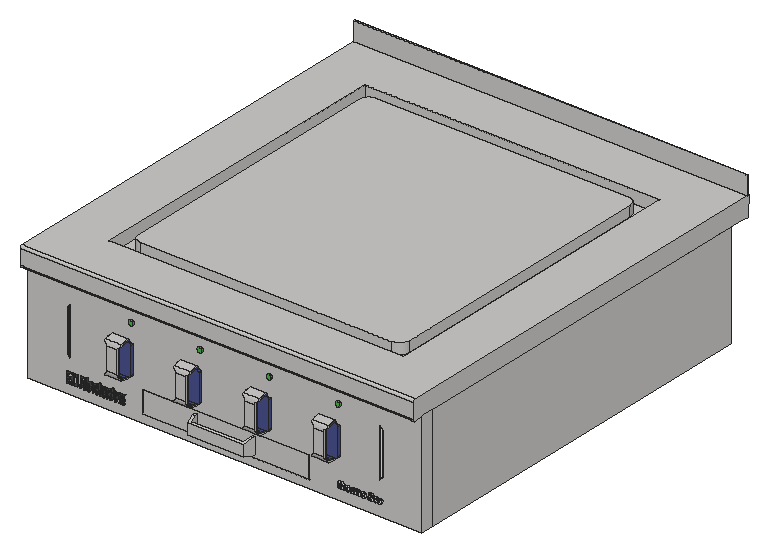
Revit family "QF_ELECTROLUXPROFESSIONAL_588502_MBLCBBHOAO", category Attrezzature speciali, Revit 2020
Family settings
  Quota connettore circolare = Usa diametro
  Tipo di parte = Normale
  Basato su piano di lavoro = No
  Sempre verticale = Sì
  Taglio con vuoti quando caricato = No
  Condiviso = No
  Punto di calcolo locali = No
Parameters (values of type "Standard")
  Weight = 120.00 kg
  Watts = 12000 W
  Volts = 400 V
  URL Manufacturer = "https://www.electroluxprofessional.com/"
  URL = "https://www.electroluxprofessional.com/"
  Steam Supply Size = 0"
  Steam Supply Minimum Pressure = 0.00 psi
  Steam Supply Maximum Pressure = 0.00 psi
  Steam Consumption per Hour = 0
  Refrigeration Suction Line Size = 0 mm
  Refrigeration Liquid Line Size = 0 mm
  Refrigerant Compressor Remote = yes
  Prospetto di default = 0 mm
  Phase = 3
  Modello = "MBLCBBHOAO"
  Produttore = "Electrolux Professional"
  Length Actual = 800 mm  # constant formula
  Item Number = "588502"
  Hot Water Size = 0"
  Height Actual = 250 mm  # constant formula
  HP = "16.1 HP"
  Gas Size = 0"
  Gas KW = 0
  Gas Input Pressure = 0.0 Btu/h
  Direct Waste Size = 0"
  Descrizione = "EL.SOLID TOP,4 ZONE,1S,BSPL,800X850X250H"
  Depth Actual = 850 mm  # constant formula
  Cycle = 50 Hz
  Condensate Return Size = 0"
  Compressed Air Volume = 0 GPM
  Compressed Air Size = 0"
  Compressed Air Pressure = 0.00 psi
  Cold Water Size = 0"
  Accessory = yes
Reference planes
  plane 1 "BACK": y = 0
  plane 2: z = 0
  plane 3 "LEFT": x = 0
  plane 4 "RIGHT": x = 800
  plane 5 "FRONT": y = -850
  plane 6 "TOP": z = 900
  plane 7 "Center (Left/Right)": x = 400
  plane 8: y = -425
  plane 9: y = -150
  plane 10: x = 100
  plane 11: x = 700
  plane 12: y = -100
  plane 13: y = -750
  plane 14 "EIx": x = 755
  plane 15 "EIy": y = -635
  plane 16: z = 938
  plane 17 "BaseTop": z = 650
  plane 18: y = -805
Forms (mm)
  Extrusion 1, solid, material "QF_Finishes_Stainless Steel"
    sketch origin (-178.969, -4572, 100) x (-1, 0, 0) y (0, -1, 0)
      loop
        line (-178.969, -4527) -> (-178.969, -3767) -> (-978.969, -3767) -> (-978.969, -4527) -> (-178.969, -4527)
    from 550 to 762.969
  Extrusion 2, solid, material "QF_Finishes_Stainless Steel"
    sketch origin (0, 0, 650) x (-1, 0, 0) y (0, -1, 0)
      loop
        circle (-755, 635) r 6.35
    from 0 to -11.851
  Extrusion 3, solid, material "QF_Finishes_Stainless Steel"
    sketch origin (400, 296.4, 1219.2) x (0, 1, 0) y (0, 0, 1)
      loop
        line (-296.4, -319.2) -> (-1141.4, -319.2)
        arc (-1141.4, -319.2) -> (-1144.935, -320.664) -> (-1146.4, -324.2) r 5
        line (-1146.4, -324.2) -> (-1146.4, -355.2)
        arc (-1146.4, -355.2) -> (-1144.971, -358.264) -> (-1141.705, -359.139) r 4
        line (-1141.705, -359.139) -> (-1126.4, -356.231) -> (-316.4, -356.231) -> (-301.094, -359.139)
        arc (-301.094, -359.139) -> (-297.829, -358.264) -> (-296.4, -355.2) r 4
        line (-296.4, -355.2) -> (-296.4, -319.2)
    from -400 to 400
  Extrusion 4, solid, material "QF_Finishes_Stainless Steel"
    sketch origin (0, 0, 900) x (-1, 0, 0) y (0, -1, 0)
      loop
        arc (-145, 125) -> (-130.858, 130.858) -> (-125, 145) r 20
        line (-125, 145) -> (-125, 705)
        arc (-125, 705) -> (-130.858, 719.142) -> (-145, 725) r 20
        line (-145, 725) -> (-655, 725)
        arc (-655, 725) -> (-669.142, 719.142) -> (-675, 705) r 20
        line (-675, 705) -> (-675, 145)
        arc (-675, 145) -> (-669.142, 130.858) -> (-655, 125) r 20
        line (-655, 125) -> (-145, 125)
    from 1 to -20
  Extrusion 5, void
    sketch origin (0, 0, 900) x (-1, 0, 0) y (0, -1, 0)
      loop
        line (-100, 750) -> (-700, 750) -> (-700, 100) -> (-100, 100) -> (-100, 750)
    from 0 to -25
  Extrusion 6, solid, material "QF_Finishes_Stainless Steel"
    sketch origin (400, 296.4, 1219.2) x (0, 1, 0) y (0, 0, 1)
      loop
        line (-296.4, -319.2) -> (-296.4, -281.2) -> (-298.4, -281.2) -> (-298.4, -319.2) -> (-296.4, -319.2)
    from 400 to -400
Cuts and joins
  Extrusion 5 cuts Extrusion 3
Lines and regions (mm)
  symbolic lines
    curve 1: line (0, 0, 100) -> (800, 0, 100)
    curve 2: line (0, -850, 100) -> (0, 0, 100)
    curve 3: line (800, -850, 100) -> (0, -850, 100)
    curve 4: line (800, 0, 100) -> (800, -850, 100)
    curve 5: line (100, -750, 0) -> (700, -750, 0)
    curve 6: line (700, -750, 0) -> (700, -100, 0)
    curve 7: line (700, -100, 0) -> (100, -100, 0)
    curve 8: line (100, -100, 0) -> (100, -750, 0)
    curve 9: line (0, -2, 0) -> (800, -2, 0)
Dimensions and locks
  plane 3 "LEFT" to plane 4 "RIGHT" = 800 mm
  locked: plane 5 "FRONT" to plane 1 "BACK" at 850
  plane 3 "LEFT" to plane 7 "Center (Left/Right)" to plane 4 "RIGHT" = 400 mm, 400 mm
  equal spacing: plane 5 "FRONT", plane 8, plane 1 "BACK"
  plane 6 "TOP" to level = 900 mm  (x2)
  plane 1 "BACK" to plane 9 = 150 mm
  plane 1 "BACK" to Extrusion 2 = 635 mm
  locked: plane 14 "EIx" to plane 4 "RIGHT" at 45
  locked: plane 15 "EIy" to plane 1 "BACK" at 635
  plane 16 to plane 6 "TOP" = 38 mm
  locked: plane 12 to plane 1 "BACK" at 100
  locked: plane 5 "FRONT" to plane 13 at 100
  plane 3 "LEFT" to plane 10 = 100 mm
  plane 11 to plane 4 "RIGHT" = 100 mm
  locked: plane 6 "TOP" to plane 17 "BaseTop" at 250
  locked: plane 18 to plane 5 "FRONT" at 45
  aligned and locked: level to plane 2
  aligned and locked: cut or joined group of Extrusion 3, Extrusion 5 to plane 3 "LEFT"
  aligned and locked: cut or joined group of Extrusion 3, Extrusion 5 to plane 4 "RIGHT"
  aligned and locked: Extrusion 5 sketch curve to plane 10
  aligned and locked: plane 12 to Extrusion 5 sketch curve
  aligned and locked: plane 11 to Extrusion 5 sketch curve
  aligned and locked: Extrusion 5 sketch curve to plane 13
  aligned and locked: nested 1 to plane 18
  aligned and locked: Extrusion 1 to plane 18
  aligned and locked: Extrusion 6 to plane 3 "LEFT"
  aligned and locked: Extrusion 6 to plane 4 "RIGHT"
  aligned and locked: plane 3 "LEFT" to nested 1
Automatic sketch dimensions
  Extrusion 3 sketch curve to plane 5 "FRONT" = 0 mm
  Extrusion 3 sketch curve to plane 6 "TOP" = 0 mm
  Extrusion 3 sketch curve to plane 1 "BACK" = 0 mm
  Extrusion 3 sketch curve to plane 5 "FRONT" = 4 mm
  Extrusion 3 sketch curve to Extrusion 3 sketch curve = 0.695 mm
  Extrusion 3 sketch curve to plane 5 "FRONT" = 5 mm
  Extrusion 3 sketch curve to Extrusion 3 sketch curve = 15.305 mm
  plane 1 "BACK" to Extrusion 3 sketch curve = 20 mm
  plane 1 "BACK" to Extrusion 3 sketch curve = 4.695 mm
  Extrusion 3 sketch curve to Extrusion 3 sketch curve = 4 mm
  Extrusion 3 sketch curve to Extrusion 3 sketch curve = 31 mm
  Extrusion 3 sketch curve to plane 6 "TOP" = 36 mm
  Extrusion 3 sketch curve to Extrusion 3 sketch curve = 2.909 mm
  Extrusion 1 sketch curve to plane 4 "RIGHT" = 0 mm
  Extrusion 1 sketch curve to plane 3 "LEFT" = 0 mm
  plane 1 "BACK" to Extrusion 1 sketch curve = 45 mm
  plane 1 "BACK" to curve 1 = 0 mm
  curve 1 to plane 4 "RIGHT" = 0 mm
  curve 2 to plane 3 "LEFT" = 0 mm
  plane 5 "FRONT" to curve 3 = 0 mm
  Extrusion 2 sketch curve to plane 14 "EIx" = 0 mm
  Extrusion 2 sketch curve to plane 15 "EIy" = 0 mm
  Extrusion 1 sketch curve to plane 5 "FRONT" = 45 mm
  Extrusion 6 sketch curve to plane 6 "TOP" = 0 mm
  Extrusion 6 sketch curve to plane 16 = 0 mm
  Extrusion 6 sketch curve to plane 1 "BACK" = 0 mm
  Extrusion 6 sketch curve to Extrusion 6 sketch curve = 2 mm
  curve 9 to plane 3 "LEFT" = 0 mm
  curve 5 to plane 10 = 0 mm
  curve 6 to plane 11 = 0 mm
  curve 9 to plane 4 "RIGHT" = 0 mm
  plane 13 to curve 5 = 0 mm
  plane 12 to curve 7 = 0 mm
  plane 1 "BACK" to curve 9 = 2 mm
  plane 11 to Extrusion 4 sketch curve = 25 mm
  Extrusion 4 sketch curve to Extrusion 4 sketch curve = 20 mm  (x4)
  plane 9 to Extrusion 4 sketch curve = 5 mm
  Extrusion 4 sketch curve to plane 10 = 45 mm
  Extrusion 4 sketch curve to plane 13 = 45 mm
  radius of Extrusion 2 sketch curve = 6.35 mm
Nested families
  nested 1: "Front_Panel_W800_Four Knobs_Spie" at (202.376, -805, 0), type "Front_Panel_W800_Four Knobs_Spie"
Connectors
  electrical at (755, -635, 638.149)
    settings: on Extrusion 2, index 1, voltage 400 V, apparent load 33000 VA, apparent load phase1 0 VA, apparent load phase2 0 VA, apparent load phase3 0 VA, power factor 1, load classification "Other", number of poles 1, system type 30, power factor state 1, is connector primary yes, connector utility no, sub classification motor no, connector description "ELECTRICAL CONNECTION"
Definition of nested family "Front_Panel_W800_Four Knobs_Spie"
  Parameters
    Default Elevation = 0 mm
  Reference planes
    plane 1 "Center (Front/Back)": y = 0
    plane 2: z = 0
    plane 3 "Center (Left/Right)": x = 197.624
    plane 4 "Left": x = -202.376
    plane 5 "Right": x = 597.624
    plane 6: y = -45
    plane 7: x = -12.376
    plane 8: x = 127.624
    plane 9: y = -310
    plane 10 "Panel": y = -25
    plane 11: x = 517.624
    plane 12: x = -122.376
  Forms (mm)
    Extrusion 1, solid
      sketch origin (833.217, 829.203, -1.25) x (0, 1, 0) y (0, 0, 1)
        loop
          line (-854.203, 651.25) -> (-829.203, 651.25) -> (-829.203, 864.25) -> (-854.203, 864.25) -> (-854.203, 651.25)
      from -1035.593 to -235.593
    Extrusion 2, void
      sketch origin (0, -25, -10) x (0, 0, 1) y (-1, 0, 0)
        loop
          line (731.866, 122.376) -> (726.866, 117.376) -> (823.866, 117.376) -> (818.866, 122.376) -> (731.866, 122.376)
        loop
          line (731.866, -517.624) -> (818.866, -517.624) -> (823.866, -512.624) -> (726.866, -512.624) -> (731.866, -517.624)
      from 0 to -2
    Extrusion 3, void
      sketch origin (0, 0, 0) x (1, 0, 0) y (0, 0, 1)
        loop
          line (30.124, 711.866) -> (30.124, 666.866) -> (370.124, 666.866) -> (370.124, 711.866) -> (30.124, 711.866)
      from 19.387 to 25
    Extrusion 4, solid
      sketch origin (0, 0, 0) x (1, 0, 0) y (0, 0, 1)
        loop
          line (31.124, 710.866) -> (31.124, 667.866) -> (369.124, 667.866) -> (369.124, 710.866) -> (31.124, 710.866)
      from 19.387 to 25
    Extrusion 5, solid
      sketch origin (0, 0, 0) x (1, 0, 0) y (0, 1, 0)
        loop
          line (141.059, -25) -> (135.966, -25) -> (140.646, -49.075) -> (254.603, -49.075) -> (259.283, -25) -> (254.189, -25) -> (250.481, -44.075) -> (144.767, -44.075) -> (141.059, -25)
      from 672.593 to 705.67
    Extrusion 6, void
      sketch origin (197.624, 0, 0) x (0, 1, 0) y (0, 0, 1)
        loop
          line (-30, 705.67) -> (-30, 710.67) -> (-56.744, 710.67) -> (-56.744, 667.593) -> (-30, 667.593) -> (-30, 672.593) -> (-53.776, 680.318) -> (-53.776, 697.945) -> (-30, 705.67)
      from -70 to 70
    Extrusion 7, solid, detail levels coarse
      sketch origin (0, -265, 0) x (1, 0, 0) y (0, 1, 0)
        loop
          line (140.646, -69.075) -> (254.603, -69.075) -> (259.283, -45) -> (364.124, -45) -> (364.124, 240) -> (31.124, 240) -> (31.124, -45) -> (135.966, -45) -> (140.646, -69.075)
      from 672.593 to 705.67
    Extrusion 8, void
      sketch origin (197.624, -280, 0) x (0, 1, 0) y (0, 0, 1)
        loop
          line (-30, 705.67) -> (-30, 710.67) -> (-56.744, 710.67) -> (-56.744, 667.593) -> (-30, 667.593) -> (-30, 672.593) -> (-53.776, 680.318) -> (-53.776, 697.945) -> (-30, 705.67)
      from -70 to 70
    Extrusion 9, solid
      sketch origin (20, -25, 1.163) x (0, 0, 1) y (-1, 0, 0)
        loop
          circle (824.337, 12.376) r 5
      from 0 to 1.7
    Extrusion 10, solid
      sketch origin (160, -25, 1.163) x (0, 0, 1) y (-1, 0, 0)
        loop
          circle (824.337, 12.376) r 5
      from 0 to 1.7
    Extrusion 11, solid
      sketch origin (300.724, -25, 1.163) x (0, 0, 1) y (-1, 0, 0)
        loop
          circle (824.337, 12.376) r 5
      from 0 to 1.7
    Extrusion 12, solid
      sketch origin (440.724, -25, 1.163) x (0, 0, 1) y (-1, 0, 0)
        loop
          circle (824.337, 12.376) r 5
      from 0 to 1.7
    Extrusion 13, solid
      sketch origin (0, -25, -10) x (0, 0, 1) y (-1, 0, 0)
        loop
          line (731.866, 122.376) -> (726.866, 117.376) -> (823.866, 117.376) -> (818.866, 122.376) -> (731.866, 122.376)
        loop
          line (726.866, -512.624) -> (731.866, -517.624) -> (818.866, -517.624) -> (823.866, -512.624) -> (726.866, -512.624)
      from 0 to -2
  Cuts and joins
    Extrusion 2, Extrusion 3 cuts Extrusion 1
    Extrusion 6, Extrusion 8 cuts Extrusion 5
    Extrusion 8 cuts Extrusion 7
  Lines and regions (mm)
    symbolic lines
      curve 1: line (31.124, -45, 0) -> (31.124, -310, 0)
      curve 2: line (31.124, -310, 0) -> (364.124, -310, 0)
      curve 3: line (135.966, -310, 0) -> (140.646, -334.075, 0)
      curve 4: line (140.646, -334.075, 0) -> (254.603, -334.075, 0)
      curve 5: line (254.603, -334.075, 0) -> (259.283, -310, 0)
      curve 6: line (364.124, -310, 0) -> (364.124, -45, 0)
      curve 7: line (31.124, -300, 0) -> (364.124, -300, 0)
      curve 8: line (140.874, -309.046, 0) -> (144.767, -329.075, 0)
      curve 9: line (144.767, -329.075, 0) -> (250.481, -329.075, 0)
      curve 10: line (250.481, -329.075, 0) -> (254.375, -309.046, 0)
  Dimensions and locks
    equal spacing: plane 5 "Right", plane 3 "Center (Left/Right)", plane 4 "Left"
    plane 5 "Right" to plane 4 "Left" = 800 mm
    plane 3 "Center (Left/Right)" to plane 7 = 210 mm
    plane 3 "Center (Left/Right)" to plane 8 = 70 mm
    plane 6 to plane 9 = 265 mm
    aligned and locked: cut or joined group of Extrusion 1, Extrusion 2, Extrusion 3 to plane 4 "Left"
    aligned and locked: plane 5 "Right" to cut or joined group of Extrusion 1, Extrusion 2, Extrusion 3
  Automatic sketch dimensions
    plane 6 to curve 1 = 0 mm
    curve 1 to plane 9 = 0 mm
    plane 6 to curve 6 = 0 mm
    plane 7 to curve 1 = 43.5 mm
    plane 8 to curve 3 = 13.021 mm
    curve 3 to curve 8 = 4.122 mm
    curve 10 to plane 9 = 19.075 mm
    plane 3 "Center (Left/Right)" to curve 10 = 52.857 mm
    curve 5 to plane 9 = 24.075 mm
    curve 9 to curve 5 = 4.122 mm
    curve 4 to curve 2 = 109.521 mm
    plane 8 to curve 3 = 8.342 mm
    plane 9 to curve 8 = 0.954 mm
    curve 3 to curve 8 = 4.908 mm
    plane 9 to curve 10 = 0.954 mm
    curve 9 to curve 10 = 3.893 mm
    curve 10 to curve 5 = 4.908 mm
    plane 9 to curve 7 = 10 mm
    Extrusion 1 sketch curve to plane 10 "Panel" = 0 mm
    Extrusion 1 sketch curve to plane 1 "Center (Front/Back)" = 0 mm
    Extrusion 2 sketch curve to plane 12 = 0 mm
    Extrusion 2 sketch curve to plane 11 = 0 mm
    Extrusion 2 sketch curve to plane 11 = 5 mm
    plane 12 to Extrusion 2 sketch curve = 5 mm
    Extrusion 2 sketch curve to Extrusion 2 sketch curve = 5 mm  (x4)
    plane 7 to Extrusion 3 sketch curve = 42.5 mm
    Extrusion 3 sketch curve to plane 11 = 147.5 mm
    Extrusion 3 sketch curve to Extrusion 3 sketch curve = 45 mm
    plane 7 to Extrusion 4 sketch curve = 43.5 mm
    Extrusion 4 sketch curve to plane 11 = 148.5 mm
    Extrusion 4 sketch curve to Extrusion 4 sketch curve = 43 mm
    plane 10 "Panel" to Extrusion 5 sketch curve = 0 mm  (x2)
    plane 8 to Extrusion 5 sketch curve = 8.342 mm
    plane 6 to Extrusion 5 sketch curve = 4.075 mm
    plane 8 to Extrusion 5 sketch curve = 13.021 mm
    Extrusion 5 sketch curve to Extrusion 5 sketch curve = 5.094 mm  (x2)
    Extrusion 5 sketch curve to plane 6 = 0.925 mm
    Extrusion 5 sketch curve to Extrusion 5 sketch curve = 4.122 mm  (x2)
    plane 3 "Center (Left/Right)" to Extrusion 5 sketch curve = 52.857 mm
    Extrusion 5 sketch curve to Extrusion 5 sketch curve = 3.708 mm
    plane 6 to Extrusion 6 sketch curve = 11.744 mm
    plane 6 to Extrusion 6 sketch curve = 8.776 mm
    plane 10 "Panel" to Extrusion 6 sketch curve = 5 mm  (x2)
    Extrusion 6 sketch curve to Extrusion 6 sketch curve = 5 mm
    Extrusion 6 sketch curve to Extrusion 6 sketch curve = 12.725 mm  (x2)
    Extrusion 6 sketch curve to Extrusion 6 sketch curve = 17.627 mm
    Extrusion 6 sketch curve to Extrusion 6 sketch curve = 7.725 mm
    plane 10 "Panel" to Extrusion 7 sketch curve = 0 mm
    Extrusion 7 sketch curve to plane 9 = 0 mm  (x2)
    plane 7 to Extrusion 7 sketch curve = 43.5 mm
    plane 8 to Extrusion 7 sketch curve = 8.342 mm
    plane 8 to Extrusion 7 sketch curve = 13.021 mm
    Extrusion 7 sketch curve to plane 9 = 24.075 mm
    plane 3 "Center (Left/Right)" to Extrusion 7 sketch curve = 56.979 mm
    Extrusion 7 sketch curve to Extrusion 7 sketch curve = 4.68 mm
    Extrusion 7 sketch curve to Extrusion 7 sketch curve = 104.842 mm
    Extrusion 8 sketch curve to plane 9 = 26.744 mm
    Extrusion 8 sketch curve to plane 9 = 23.776 mm
    plane 9 to Extrusion 8 sketch curve = 0 mm  (x2)
    Extrusion 8 sketch curve to Extrusion 8 sketch curve = 5 mm
    Extrusion 8 sketch curve to Extrusion 8 sketch curve = 12.725 mm  (x2)
    Extrusion 8 sketch curve to Extrusion 8 sketch curve = 17.627 mm
    Extrusion 8 sketch curve to Extrusion 8 sketch curve = 7.725 mm
    plane 7 to Extrusion 9 sketch curve = 20 mm
    plane 8 to Extrusion 10 sketch curve = 20 mm
    plane 3 "Center (Left/Right)" to Extrusion 11 sketch curve = 90.724 mm
    Extrusion 12 sketch curve to plane 11 = 89.276 mm
    Extrusion 13 sketch curve to plane 12 = 0 mm
    Extrusion 13 sketch curve to plane 11 = 0 mm
    plane 12 to Extrusion 13 sketch curve = 5 mm
    Extrusion 13 sketch curve to Extrusion 13 sketch curve = 5 mm  (x4)
    Extrusion 13 sketch curve to plane 11 = 5 mm
    level to Extrusion 1 sketch curve = 650 mm
    Extrusion 1 sketch curve to Extrusion 1 sketch curve = 213 mm
    level to Extrusion 2 sketch curve = 716.866 mm
    Extrusion 2 sketch curve to Extrusion 2 sketch curve = 0 mm
    Extrusion 2 sketch curve to Extrusion 2 sketch curve = 87 mm  (x2)
    level to Extrusion 3 sketch curve = 666.866 mm
    level to Extrusion 4 sketch curve = 667.866 mm
    level to Extrusion 6 sketch curve = 667.593 mm
    level to Extrusion 8 sketch curve = 667.593 mm
    level to Extrusion 9 sketch curve = 825.5 mm
    level to Extrusion 10 sketch curve = 825.5 mm
    level to Extrusion 11 sketch curve = 825.5 mm
    level to Extrusion 12 sketch curve = 825.5 mm
    level to Extrusion 13 sketch curve = 716.866 mm
    Extrusion 13 sketch curve to Extrusion 13 sketch curve = 0 mm
    Extrusion 13 sketch curve to Extrusion 13 sketch curve = 87 mm  (x2)
    radius of Extrusion 9 sketch curve = 5 mm
    radius of Extrusion 10 sketch curve = 5 mm
    radius of Extrusion 11 sketch curve = 5 mm
    radius of Extrusion 12 sketch curve = 5 mm
  Nested families
    nested 1: "Range Control Handle" at (-12.376, -28.137, -209.113) x (-1, 0, 0) z (0, 0, 1), type "Range Control Handle"
    nested 2: "Range Control Handle" at (127.624, -28.137, -209.113) x (-1, 0, 0) z (0, 0, 1), type "Range Control Handle"
    nested 3: "Range Control Handle" at (407.624, -28.137, -209.113), type "Range Control Handle"
    nested 4: "Range Control Handle" at (267.624, -28.137, -209.113), type "Range Control Handle"
    nested 5: "ELX_ThermaLine_Small" at (468.838, -25, 679.426) x (1, 0, 0) z (0, -1, 0), type "ELX_ThermaLine_Small"
      with Show Logo yes, Material_Logo none
    nested 6: "ELX_Professional_Logo_Small" at (-62.89, -25, 681.659) x (1, 0, 0) z (0, -1, 0), type "ELX_Professional_Logo_Small"
      with Show Logo yes, Material_Logo none
  Definition of nested family "Range Control Handle"
    Parameters
      Default Elevation = 0 mm
    Reference planes
      plane 1 "Center (Front/Back)": y = 0
      plane 2: z = 0
      plane 3 "Center (Left/Right)": x = 0
      plane 4: z = 971.092
      plane 5: y = -16.9
    Forms (mm)
      Extrusion 1, solid
        sketch origin (-746.28, 380.497, 208.931) x (-1, 0, 0) y (0, 0, 1)
          loop
            line (-770.101, 786.798) -> (-770.101, 731.649)
            arc (-770.101, 731.649) -> (-769.759, 730.563) -> (-768.855, 729.87) r 1.893
            line (-768.855, 729.87) -> (-763.474, 727.911) -> (-729.81, 727.911) -> (-724.428, 729.87)
            arc (-724.428, 729.87) -> (-723.525, 730.563) -> (-723.183, 731.649) r 1.893
            line (-723.183, 731.649) -> (-723.183, 786.798)
            arc (-723.183, 786.798) -> (-723.529, 787.894) -> (-724.44, 788.593) r 1.91
            line (-724.44, 788.593) -> (-729.683, 790.819) -> (-763.601, 790.819) -> (-768.844, 788.593)
            arc (-768.844, 788.593) -> (-769.755, 787.894) -> (-770.101, 786.798) r 1.91
        from -382.35 to -378.852
      Sweep 2, solid
        path origin (-746.788, 380.496, 208.091) x (0, -1, 0) y (0, 0, 1)
          loop
            line (379.775, 793.281) -> (395.661, 791.048)
            arc (395.661, 791.048) -> (397.781, 787.377) -> (398.517, 783.202) r 12.207
            line (398.517, 783.202) -> (398.517, 737.368)
            arc (398.517, 737.368) -> (397.781, 733.193) -> (395.661, 729.522) r 12.207
            line (395.661, 729.522) -> (379.775, 727.289)
        profile origin (-746.788, -7.222, 1000.256) x (0, -0.139173, 0.990268) y (-1, 0, 0)
          loop
            line (0.782, -763.123) -> (0.782, -730.907) -> (-1.322, -730.907) -> (-1.322, -763.123) -> (0.782, -763.123)
      Sweep 3, solid
        path origin (-746.788, 380.715, 207.832) x (0, -1, 0) y (0, 0, 1)
          loop
            line (380.478, 795.442) -> (397.218, 793.09)
            arc (397.218, 793.09) -> (399.929, 788.473) -> (400.871, 783.202) r 15.207
            line (400.871, 783.202) -> (400.871, 737.584)
            arc (400.871, 737.584) -> (399.914, 732.274) -> (397.164, 727.633) r 15.207
            line (397.164, 727.633) -> (380.601, 725.305)
        profile origin (-746.788, -8.132, 1002.099) x (0, -0.139173, 0.990268) y (-1, 0, 0)
          loop
            line (0.782, -763.123) -> (0.782, -730.907) -> (-1.322, -730.907) -> (-1.322, -763.123) -> (0.782, -763.123)
      Extrusion 4, void
        sketch origin (889.253, 220.666, 207.993) x (1, 0, 0) y (0, 0, 1)
          loop
            line (-943.038, 816.854) -> (-943.038, 703.686) -> (-899.466, 734.196) -> (-899.466, 786.344) -> (-943.038, 816.854)
        from 230.636 to 242.25
      Extrusion 5, void
        sketch origin (-888.8, 220.666, 207.993) x (-1, 0, 0) y (0, 0, -1)
          loop
            line (-943.038, -816.854) -> (-899.466, -786.344) -> (-899.466, -734.196) -> (-943.038, -703.686) -> (-943.038, -816.854)
        from 230.636 to 242.25
      Extrusion 6, solid
        sketch origin (0, 0, 0) x (1, 0, 0) y (0, 0, 1)
          loop
            circle (0, 971.092) r 7.736
        from -3.137 to -1.645
    Cuts and joins
      Extrusion 4, Extrusion 5 cuts Sweep 3
      Extrusion 4, Extrusion 5 cuts Sweep 2
      joined: Extrusion 1, Extrusion 6
    Lines and regions (mm)
      symbolic lines
        curve 1: line (16.334, -16.9, 0) -> (16.334, -19.227, 0)
        curve 2: spline (16.334, -19.227, 0) -> (15.87, -19.385, 0) -> (15.404, -19.536, 0) -> (14.936, -19.678, 0) -> (14.466, -19.813, 0) -> (13.995, -19.94, 0) -> (13.523, -20.059, 0) -> (13.049, -20.171, 0) -> (12.575, -20.274, 0) -> (12.099, -20.37, 0) -> (11.622, -20.458, 0) -> (11.144, -20.537, 0) -> (10.666, -20.609, 0)
        curve 3: line (10.666, -16.9, 0) -> (10.666, -20.938, 0)
        curve 4: line (-10.213, -20.938, 0) -> (10.666, -20.938, 0)
        curve 5: line (-10.213, -20.938, 0) -> (-10.213, -16.9, 0)
        curve 6: spline (-10.213, -20.609, 0) -> (-10.691, -20.537, 0) -> (-11.169, -20.458, 0) -> (-11.646, -20.37, 0) -> (-12.122, -20.274, 0) -> (-12.597, -20.171, 0) -> (-13.07, -20.059, 0) -> (-13.542, -19.94, 0) -> (-14.013, -19.813, 0) -> (-14.483, -19.678, 0) -> (-14.951, -19.536, 0) -> (-15.417, -19.385, 0) -> (-15.881, -19.227, 0)
        curve 7: line (-15.881, -19.227, 0) -> (-15.881, -16.9, 0)
  Definition of nested family "ELX_ThermaLine_Small"
    Parameters
      Show Logo [instance] = yes
      Material_Logo [instance] = none
      Default Elevation = 0 mm
    Reference planes
      plane 1 "Centro (Fronte/Retro)": y = 0
      plane 2: z = 0
      plane 3 "Centro (Sinistra/Destra)": x = 0
    Forms (mm)
      Extrusion 1, solid
        sketch origin (0, 0, 0) x (1, 0, 0) y (0, 1, 0)
          loop
            line (-1219.2, 1219.2) -> (-1219.2, -1219.2) -> (1219.2, -1219.2) -> (1219.2, 1219.2) -> (-1219.2, 1219.2)
        from 0 to -304.8
      Extrusion 2, solid
        sketch origin (0, 0, 0) x (1, 0, 0) y (0, 1, 0)
          loop
            line (-37.494, 1.229) -> (-35.908, 1.229) -> (-35.908, 3.066) -> (-37.494, 3.066) -> (-37.494, 6.221) -> (-39.867, 4.881) -> (-39.867, 3.066) -> (-40.969, 3.066) -> (-40.969, 1.229) -> (-39.867, 1.229) -> (-39.867, -3.407)
            arc (-39.867, -3.407) -> (-38.982, -5.513) -> (-36.751, -6.001) r 2.478
            line (-36.751, -6.001) -> (-35.638, -5.7) -> (-35.9, -3.835) -> (-36.661, -4.039)
            arc (-36.661, -4.039) -> (-37.236, -3.924) -> (-37.494, -3.399) r 0.662
            line (-37.494, -3.399) -> (-37.494, 1.229)
          loop
            line (-34.242, 6.539) -> (-34.242, -5.848) -> (-31.854, -5.848) -> (-31.854, -0.078)
            arc (-31.854, -0.078) -> (-30.939, 1.249) -> (-29.33, 1.367) r 1.866
            arc (-29.33, 1.367) -> (-28.695, 0.768) -> (-28.461, -0.073) r 1.627
            line (-28.461, -0.073) -> (-28.461, -5.848) -> (-26.086, -5.848) -> (-26.064, -0.46)
            arc (-26.064, -0.46) -> (-26.261, 0.932) -> (-26.786, 2.237) r 5.825
            arc (-26.786, 2.237) -> (-29.381, 3.264) -> (-31.854, 1.971) r 3.353
            line (-31.854, 1.971) -> (-31.854, 6.539) -> (-34.242, 6.539)
          loop
            arc (-18.398, -0.598) -> (-18.893, 0.879) -> (-20.326, 1.487) r 1.897
            arc (-20.326, 1.487) -> (-21.461, 0.708) -> (-21.897, -0.598) r 2.164
            line (-21.897, -0.598) -> (-18.398, -0.598)
          loop
            arc (-16.021, -2.044) -> (-16.754, 1.227) -> (-19.444, 3.226) r 4.814
            arc (-19.444, 3.226) -> (-22.137, 2.788) -> (-23.943, 0.743) r 4.054
            arc (-23.943, 0.743) -> (-24.382, -1.249) -> (-24.162, -3.276) r 6.289
            arc (-24.162, -3.276) -> (-23.302, -4.71) -> (-21.958, -5.705) r 4.28
            arc (-21.958, -5.705) -> (-18.558, -5.814) -> (-16.152, -3.409) r 4.28
            line (-16.152, -3.409) -> (-18.5, -2.995)
            arc (-18.5, -2.995) -> (-19.273, -3.994) -> (-20.533, -4.076) r 1.536
            arc (-20.533, -4.076) -> (-21.56, -3.281) -> (-21.958, -2.044) r 2.197
            line (-21.958, -2.044) -> (-16.021, -2.044)
          loop
            line (-14.165, -5.848) -> (-11.819, -5.848) -> (-11.819, -2.138)
            arc (-11.819, -2.138) -> (-11.787, -1.156) -> (-11.637, -0.185) r 8.18
            arc (-11.637, -0.185) -> (-10.644, 0.972) -> (-9.132, 0.776) r 1.603
            line (-9.132, 0.776) -> (-8.419, 2.846)
            arc (-8.419, 2.846) -> (-10.432, 3.118) -> (-11.994, 1.821) r 2.527
            line (-11.994, 1.821) -> (-11.994, 3.094) -> (-14.165, 3.094) -> (-14.165, -5.848)
          loop
            line (-7.579, 3.094) -> (-7.579, -5.848) -> (-5.178, -5.848) -> (-5.178, -0.756)
            arc (-5.178, -0.756) -> (-4.727, 0.679) -> (-3.417, 1.419) r 2.05
            arc (-3.417, 1.419) -> (-2.499, 0.908) -> (-2.155, -0.085) r 1.471
            line (-2.155, -0.085) -> (-2.155, -5.848) -> (0.23, -5.848) -> (0.23, -1.001)
            arc (0.23, -1.001) -> (0.47, 0.127) -> (1.148, 1.061) r 2.775
            arc (1.148, 1.061) -> (2.225, 1.329) -> (3.05, 0.587) r 1.182
            arc (3.05, 0.587) -> (3.199, -0.019) -> (3.214, -0.642) r 2.894
            line (3.214, -0.642) -> (3.214, -5.848) -> (5.601, -5.848) -> (5.601, 0.261)
            arc (5.601, 0.261) -> (4.87, 2.263) -> (2.976, 3.241) r 2.932
            arc (2.976, 3.241) -> (1.284, 2.973) -> (-0.047, 1.896) r 3.309
            arc (-0.047, 1.896) -> (-1.116, 2.865) -> (-2.506, 3.258) r 3.16
            arc (-2.506, 3.258) -> (-4.105, 2.942) -> (-5.376, 1.92) r 3.419
            line (-5.376, 1.92) -> (-5.376, 3.094) -> (-7.579, 3.094)
          loop
            line (7.583, 0.738) -> (9.702, 0.364)
            arc (9.702, 0.364) -> (11.441, 1.492) -> (12.855, -0.023) r 1.613
            line (12.855, -0.023) -> (9.782, -0.789)
            arc (9.782, -0.789) -> (8.559, -1.346) -> (7.617, -2.305) r 3.687
            arc (7.617, -2.305) -> (7.499, -3.681) -> (7.901, -5.003) r 3.651
            arc (7.901, -5.003) -> (9.107, -5.766) -> (10.515, -6.006) r 3.635
            arc (10.515, -6.006) -> (11.898, -5.697) -> (13.067, -4.895) r 3.734
            line (13.067, -4.895) -> (13.376, -5.848) -> (15.75, -5.848) -> (15.212, -4.193) -> (15.212, 0.38)
            arc (15.212, 0.38) -> (14.897, 1.849) -> (13.818, 2.895) r 2.585
            arc (13.818, 2.895) -> (11.792, 3.442) -> (9.719, 3.11) r 5.005
            arc (9.719, 3.11) -> (8.369, 2.178) -> (7.583, 0.738) r 3.54
          loop
            line (19.723, -5.848) -> (22.233, -5.848) -> (24.854, 6.484) -> (22.345, 6.484) -> (19.723, -5.848)
          loop
            line (24.583, -5.848) -> (26.953, -5.848) -> (28.848, 3.066) -> (26.478, 3.066) -> (24.583, -5.848)
          loop
            line (27.204, 6.484) -> (26.741, 4.305) -> (29.111, 4.305) -> (29.575, 6.484) -> (27.204, 6.484)
          loop
            line (29.355, -5.848) -> (31.849, -5.848) -> (33.098, 0.028)
            arc (33.098, 0.028) -> (34.169, 1.306) -> (35.832, 1.422) r 2.132
            arc (35.832, 1.422) -> (36.324, 0.752) -> (36.383, -0.078) r 1.5
            line (36.383, -0.078) -> (35.157, -5.848) -> (37.536, -5.848) -> (38.936, 0.738)
            arc (38.936, 0.738) -> (38.775, 2.091) -> (37.825, 3.066) r 2.118
            arc (37.825, 3.066) -> (35.392, 3.175) -> (33.295, 1.937) r 4.271
            line (33.295, 1.937) -> (33.535, 3.066) -> (31.25, 3.066) -> (29.355, -5.848)
          loop
            line (42.792, -0.64) -> (46.589, -0.64)
            arc (46.589, -0.64) -> (46.639, 0.124) -> (46.327, 0.823) r 1.589
            arc (46.327, 0.823) -> (45.117, 1.521) -> (43.762, 1.183) r 1.865
            arc (43.762, 1.183) -> (43.141, 0.344) -> (42.792, -0.64) r 3.538
          loop
            line (42.565, -2.138) -> (48.593, -2.138)
            arc (48.593, -2.138) -> (48.58, 0.597) -> (46.983, 2.818) r 4.494
            arc (46.983, 2.818) -> (44.191, 3.28) -> (41.725, 1.891) r 4.26
            arc (41.725, 1.891) -> (40.503, -0.3) -> (40.284, -2.799) r 6.003
            arc (40.284, -2.799) -> (40.959, -4.468) -> (42.377, -5.576) r 3.482
            arc (42.377, -5.576) -> (44.265, -5.961) -> (46.152, -5.576) r 4.823
            arc (46.152, -5.576) -> (47.432, -4.731) -> (48.328, -3.485) r 4.245
            line (48.328, -3.485) -> (46.168, -3.105)
            arc (46.168, -3.105) -> (45.214, -4.072) -> (43.859, -4.181) r 1.953
            arc (43.859, -4.181) -> (42.821, -3.408) -> (42.565, -2.138) r 1.81
          loop
            line (12.868, -1.553) -> (10.216, -2.214)
            arc (10.216, -2.214) -> (9.747, -3.136) -> (10.216, -4.058) r 1.14
            arc (10.216, -4.058) -> (11.537, -4.249) -> (12.614, -3.46) r 1.763
            arc (12.614, -3.46) -> (12.858, -2.522) -> (12.868, -1.553) r 3.97
        from 0 to 1.6
    Dimensions and locks
      aligned and locked: plane 2 to Extrusion 1
      aligned and locked: level to Extrusion 1
  Definition of nested family "ELX_Professional_Logo_Small"
    Parameters
      Show Logo [instance] = yes
      Material_Logo [instance] = none
      Default Elevation = 0 mm
    Reference planes
      plane 1 "Centro (Fronte/Retro)": y = 0
      plane 2: z = 0
      plane 3 "Centro (Sinistra/Destra)": x = 0
    Forms (mm)
      Extrusion 1, solid
        sketch origin (0, 0, 0) x (1, 0, 0) y (0, 1, 0)
          loop
            line (-1219.2, 1219.2) -> (-1219.2, -1219.2) -> (1219.2, -1219.2) -> (1219.2, 1219.2) -> (-1219.2, 1219.2)
        from 0 to -304.8
      Extrusion 2, solid, material <- "Material_Logo"
        sketch origin (15.5, 0, 0) x (1, 0, 0) y (0, 1, 0)
          loop
            spline (-42.99, -1.24) -> (-43.195, -1.231) -> (-43.415, -1.203) -> (-43.642, -1.152) -> (-43.87, -1.074) -> (-44.095, -0.966) -> (-44.309, -0.825) -> (-44.506, -0.647) -> (-44.681, -0.429) -> (-44.828, -0.167) -> (-44.94, 0.142) -> (-45.011, 0.501) -> (-45.037, 0.915)
            line (-45.037, 0.915) -> (-45.037, 2.748) -> (-38.984, 2.748) -> (-38.984, 5.086) -> (-45.038, 5.086) -> (-45.038, 8.489) -> (-38.599, 8.489) -> (-38.599, 10.82) -> (-47.515, 10.82) -> (-47.515, 1.021)
            spline (-47.515, 1.021) -> (-47.493, 0.418) -> (-47.425, -0.15) -> (-47.311, -0.682) -> (-47.15, -1.175) -> (-46.939, -1.628) -> (-46.678, -2.038) -> (-46.365, -2.404) -> (-46, -2.723) -> (-45.58, -2.995) -> (-45.105, -3.216) -> (-44.573, -3.385) -> (-43.983, -3.499)
            line (-43.983, -3.499) -> (-43.01, -3.569) -> (-38.426, -3.569) -> (-38.426, -1.24) -> (-42.99, -1.24)
          loop
            line (-36.666, 4.021) -> (-36.666, -3.573) -> (-34.188, -3.573) -> (-34.188, 10.824) -> (-36.666, 10.824) -> (-36.666, 4.021)
          loop
            spline (-21.915, 1.897) -> (-21.957, 2.615) -> (-22.082, 3.303) -> (-22.285, 3.955) -> (-22.563, 4.564) -> (-22.913, 5.124) -> (-23.331, 5.629) -> (-23.814, 6.074) -> (-24.359, 6.451) -> (-24.961, 6.755) -> (-25.618, 6.98) -> (-26.326, 7.119) -> (-27.081, 7.167)
            spline (-27.081, 7.167) -> (-27.853, 7.122) -> (-28.586, 6.99) -> (-29.275, 6.774) -> (-29.915, 6.478) -> (-30.5, 6.104) -> (-31.024, 5.657) -> (-31.483, 5.138) -> (-31.871, 4.553) -> (-32.182, 3.904) -> (-32.411, 3.194) -> (-32.552, 2.427) -> (-32.6, 1.606)
            spline (-32.6, 1.606) -> (-32.553, 0.805) -> (-32.416, 0.057) -> (-32.193, -0.637) -> (-31.887, -1.271) -> (-31.504, -1.843) -> (-31.048, -2.35) -> (-30.523, -2.788) -> (-29.934, -3.154) -> (-29.284, -3.444) -> (-28.579, -3.656) -> (-27.822, -3.785) -> (-27.019, -3.829)
            spline (-27.019, -3.829) -> (-26.627, -3.82) -> (-26.239, -3.79) -> (-25.856, -3.739) -> (-25.477, -3.663) -> (-25.103, -3.562) -> (-24.734, -3.432) -> (-24.369, -3.273) -> (-24.01, -3.082) -> (-23.655, -2.858) -> (-23.305, -2.597) -> (-22.96, -2.299) -> (-22.621, -1.962)
            line (-22.621, -1.962) -> (-24.114, -0.509)
            spline (-24.114, -0.509) -> (-24.311, -0.699) -> (-24.509, -0.872) -> (-24.71, -1.03) -> (-24.915, -1.172) -> (-25.126, -1.297) -> (-25.346, -1.407) -> (-25.576, -1.5) -> (-25.817, -1.576) -> (-26.072, -1.636) -> (-26.342, -1.678) -> (-26.629, -1.704) -> (-26.936, -1.713)
            spline (-26.936, -1.713) -> (-27.384, -1.691) -> (-27.805, -1.625) -> (-28.196, -1.518) -> (-28.556, -1.372) -> (-28.882, -1.187) -> (-29.174, -0.966) -> (-29.429, -0.71) -> (-29.645, -0.422) -> (-29.821, -0.102) -> (-29.955, 0.247) -> (-30.045, 0.623) -> (-30.089, 1.026)
            line (-30.089, 1.026) -> (-21.956, 1.026) -> (-21.915, 1.897)
          loop
            spline (-24.446, 2.769) -> (-24.47, 3.075) -> (-24.54, 3.37) -> (-24.654, 3.65) -> (-24.807, 3.913) -> (-24.996, 4.156) -> (-25.219, 4.376) -> (-25.472, 4.57) -> (-25.753, 4.736) -> (-26.057, 4.869) -> (-26.382, 4.968) -> (-26.724, 5.03) -> (-27.081, 5.051)
            spline (-27.081, 5.051) -> (-27.464, 5.03) -> (-27.832, 4.97) -> (-28.183, 4.872) -> (-28.513, 4.74) -> (-28.819, 4.577) -> (-29.099, 4.384) -> (-29.347, 4.165) -> (-29.563, 3.923) -> (-29.742, 3.659) -> (-29.881, 3.377) -> (-29.977, 3.079) -> (-30.027, 2.769)
            line (-30.027, 2.769) -> (-24.446, 2.769)
          loop
            spline (-18.167, 1.669) -> (-18.138, 2.13) -> (-18.055, 2.567) -> (-17.921, 2.978) -> (-17.739, 3.358) -> (-17.512, 3.705) -> (-17.243, 4.016) -> (-16.937, 4.287) -> (-16.596, 4.517) -> (-16.223, 4.7) -> (-15.823, 4.835) -> (-15.398, 4.919) -> (-14.951, 4.947)
            spline (-14.951, 4.947) -> (-14.677, 4.938) -> (-14.414, 4.913) -> (-14.162, 4.871) -> (-13.921, 4.812) -> (-13.69, 4.738) -> (-13.467, 4.649) -> (-13.254, 4.544) -> (-13.048, 4.424) -> (-12.85, 4.291) -> (-12.659, 4.143) -> (-12.474, 3.981) -> (-12.295, 3.806)
            line (-12.295, 3.806) -> (-10.76, 5.403)
            spline (-10.76, 5.403) -> (-11.065, 5.709) -> (-11.38, 5.984) -> (-11.703, 6.228) -> (-12.035, 6.443) -> (-12.375, 6.63) -> (-12.723, 6.788) -> (-13.078, 6.92) -> (-13.44, 7.026) -> (-13.809, 7.107) -> (-14.184, 7.164) -> (-14.564, 7.198) -> (-14.951, 7.209)
            spline (-14.951, 7.209) -> (-15.725, 7.161) -> (-16.467, 7.02) -> (-17.169, 6.792) -> (-17.826, 6.482) -> (-18.43, 6.096) -> (-18.976, 5.637) -> (-19.455, 5.112) -> (-19.862, 4.525) -> (-20.19, 3.882) -> (-20.433, 3.189) -> (-20.584, 2.449) -> (-20.635, 1.669)
            spline (-20.635, 1.669) -> (-20.584, 0.889) -> (-20.433, 0.149) -> (-20.19, -0.545) -> (-19.862, -1.187) -> (-19.455, -1.774) -> (-18.976, -2.299) -> (-18.43, -2.758) -> (-17.826, -3.145) -> (-17.169, -3.454) -> (-16.467, -3.682) -> (-15.725, -3.823) -> (-14.951, -3.871)
            spline (-14.951, -3.871) -> (-14.564, -3.86) -> (-14.184, -3.826) -> (-13.809, -3.77) -> (-13.44, -3.689) -> (-13.078, -3.583) -> (-12.723, -3.451) -> (-12.375, -3.292) -> (-12.035, -3.105) -> (-11.703, -2.89) -> (-11.38, -2.646) -> (-11.065, -2.371) -> (-10.76, -2.066)
            line (-10.76, -2.066) -> (-12.295, -0.468)
            spline (-12.295, -0.468) -> (-12.474, -0.643) -> (-12.659, -0.805) -> (-12.85, -0.953) -> (-13.048, -1.087) -> (-13.254, -1.206) -> (-13.467, -1.311) -> (-13.69, -1.4) -> (-13.921, -1.475) -> (-14.162, -1.533) -> (-14.414, -1.575) -> (-14.677, -1.6) -> (-14.951, -1.609)
            spline (-14.951, -1.609) -> (-15.398, -1.581) -> (-15.823, -1.497) -> (-16.223, -1.362) -> (-16.596, -1.179) -> (-16.937, -0.95) -> (-17.243, -0.678) -> (-17.512, -0.367) -> (-17.739, -0.02) -> (-17.921, 0.36) -> (-18.055, 0.771) -> (-18.138, 1.208) -> (-18.167, 1.669)
          loop
            spline (-4.441, -1.243) -> (-4.659, -1.247) -> (-4.894, -1.23) -> (-5.137, -1.19) -> (-5.384, -1.121) -> (-5.628, -1.021) -> (-5.864, -0.884) -> (-6.084, -0.708) -> (-6.283, -0.488) -> (-6.454, -0.219) -> (-6.592, 0.101) -> (-6.69, 0.478) -> (-6.742, 0.914)
            line (-6.742, 0.914) -> (-6.742, 4.587) -> (-4.487, 4.587) -> (-4.487, 6.838) -> (-6.738, 6.838) -> (-6.738, 10.824) -> (-9.217, 10.824) -> (-9.217, 0.773)
            spline (-9.217, 0.773) -> (-9.164, 0.19) -> (-9.068, -0.358) -> (-8.928, -0.87) -> (-8.742, -1.343) -> (-8.511, -1.777) -> (-8.232, -2.168) -> (-7.904, -2.515) -> (-7.527, -2.816) -> (-7.098, -3.069) -> (-6.618, -3.273) -> (-6.084, -3.426) -> (-5.496, -3.525)
            line (-5.496, -3.525) -> (-4.45, -3.573) -> (-4.441, -1.243)
          loop
            spline (3.898, 6.983) -> (3.469, 7.009) -> (3.056, 7.001) -> (2.661, 6.961) -> (2.283, 6.888) -> (1.925, 6.785) -> (1.588, 6.652) -> (1.272, 6.49) -> (0.979, 6.301) -> (0.71, 6.085) -> (0.465, 5.844) -> (0.247, 5.578) -> (0.056, 5.289)
            line (0.056, 5.289) -> (0.056, 6.838) -> (-2.402, 6.838) -> (-2.402, -3.572) -> (0.056, -3.572) -> (0.056, 1.901)
            spline (0.056, 1.901) -> (0.079, 2.316) -> (0.145, 2.703) -> (0.254, 3.06) -> (0.404, 3.386) -> (0.592, 3.679) -> (0.818, 3.938) -> (1.08, 4.162) -> (1.375, 4.348) -> (1.703, 4.495) -> (2.062, 4.602) -> (2.45, 4.668) -> (2.865, 4.69)
            line (2.865, 4.69) -> (3.898, 4.586) -> (3.898, 6.983)
          loop
            spline (15.638, 1.633) -> (15.586, 2.396) -> (15.435, 3.124) -> (15.192, 3.81) -> (14.863, 4.449) -> (14.455, 5.034) -> (13.975, 5.56) -> (13.43, 6.021) -> (12.826, 6.411) -> (12.17, 6.724) -> (11.469, 6.955) -> (10.729, 7.098) -> (9.958, 7.147)
            spline (9.958, 7.147) -> (9.182, 7.098) -> (8.44, 6.955) -> (7.737, 6.724) -> (7.081, 6.411) -> (6.477, 6.021) -> (5.933, 5.56) -> (5.454, 5.034) -> (5.048, 4.449) -> (4.721, 3.81) -> (4.479, 3.124) -> (4.329, 2.396) -> (4.277, 1.633)
            spline (4.277, 1.633) -> (4.329, 0.869) -> (4.479, 0.141) -> (4.721, -0.544) -> (5.048, -1.183) -> (5.454, -1.768) -> (5.933, -2.294) -> (6.477, -2.755) -> (7.081, -3.145) -> (7.737, -3.459) -> (8.44, -3.69) -> (9.182, -3.833) -> (9.958, -3.882)
            spline (9.958, -3.882) -> (10.729, -3.833) -> (11.469, -3.69) -> (12.17, -3.459) -> (12.826, -3.145) -> (13.43, -2.755) -> (13.975, -2.294) -> (14.455, -1.768) -> (14.863, -1.183) -> (15.192, -0.544) -> (15.435, 0.141) -> (15.586, 0.869) -> (15.638, 1.633)
          loop
            spline (13.18, 1.633) -> (13.151, 2.083) -> (13.067, 2.513) -> (12.932, 2.918) -> (12.748, 3.296) -> (12.52, 3.642) -> (12.251, 3.954) -> (11.943, 4.227) -> (11.601, 4.459) -> (11.228, 4.645) -> (10.828, 4.782) -> (10.403, 4.867) -> (9.958, 4.896)
            spline (9.958, 4.896) -> (9.509, 4.867) -> (9.081, 4.782) -> (8.679, 4.645) -> (8.306, 4.459) -> (7.964, 4.227) -> (7.658, 3.954) -> (7.39, 3.642) -> (7.163, 3.296) -> (6.981, 2.918) -> (6.847, 2.513) -> (6.765, 2.083) -> (6.736, 1.633)
            spline (6.736, 1.633) -> (6.765, 1.182) -> (6.847, 0.753) -> (6.981, 0.347) -> (7.163, -0.031) -> (7.39, -0.377) -> (7.658, -0.689) -> (7.964, -0.962) -> (8.306, -1.193) -> (8.679, -1.38) -> (9.081, -1.517) -> (9.509, -1.602) -> (9.958, -1.631)
            spline (9.958, -1.631) -> (10.403, -1.602) -> (10.828, -1.517) -> (11.228, -1.38) -> (11.601, -1.193) -> (11.943, -0.962) -> (12.251, -0.689) -> (12.52, -0.377) -> (12.748, -0.031) -> (12.932, 0.347) -> (13.067, 0.753) -> (13.151, 1.182) -> (13.18, 1.633)
          loop
            line (17.162, 4.269) -> (17.162, -3.573) -> (19.642, -3.573) -> (19.642, 10.824) -> (17.162, 10.824) -> (17.162, 4.269)
          loop
            line (28.581, 6.838) -> (28.581, 0.786)
            spline (28.581, 0.786) -> (28.561, 0.393) -> (28.503, 0.038) -> (28.409, -0.279) -> (28.281, -0.559) -> (28.122, -0.802) -> (27.933, -1.011) -> (27.717, -1.185) -> (27.476, -1.325) -> (27.213, -1.433) -> (26.929, -1.509) -> (26.626, -1.554) -> (26.308, -1.569)
            spline (26.308, -1.569) -> (25.99, -1.554) -> (25.688, -1.509) -> (25.404, -1.434) -> (25.141, -1.326) -> (24.9, -1.187) -> (24.684, -1.014) -> (24.496, -0.807) -> (24.336, -0.565) -> (24.209, -0.288) -> (24.115, 0.026) -> (24.057, 0.376) -> (24.037, 0.765)
            line (24.037, 0.765) -> (24.037, 6.838) -> (21.537, 6.838) -> (21.537, 0.558)
            spline (21.537, 0.558) -> (21.581, -0.153) -> (21.71, -0.8) -> (21.916, -1.384) -> (22.195, -1.904) -> (22.54, -2.362) -> (22.944, -2.757) -> (23.403, -3.09) -> (23.909, -3.362) -> (24.456, -3.572) -> (25.04, -3.722) -> (25.652, -3.811) -> (26.288, -3.841)
            spline (26.288, -3.841) -> (26.929, -3.811) -> (27.547, -3.72) -> (28.135, -3.568) -> (28.687, -3.355) -> (29.197, -3.079) -> (29.66, -2.741) -> (30.068, -2.341) -> (30.415, -1.877) -> (30.696, -1.349) -> (30.905, -0.757) -> (31.034, -0.101) -> (31.079, 0.621)
            line (31.079, 0.621) -> (31.079, 6.838) -> (28.581, 6.838)
          loop
            line (40.457, -0.243) -> (38.894, 1.942) -> (40.83, 4.579) -> (42.488, 6.837) -> (39.782, 6.837) -> (37.53, 3.719) -> (35.258, 6.837) -> (32.573, 6.837) -> (34.113, 4.731) -> (36.167, 1.922) -> (34.014, -1.076) -> (32.222, -3.573) -> (34.887, -3.573) -> (37.53, 0.104) -> (40.174, -3.573) -> (42.839, -3.573) -> (40.457, -0.243)
          loop
            line (-46.121, -5.837) -> (-48.039, -5.837) -> (-48.039, -10.814) -> (-47.016, -10.814) -> (-47.016, -9.128) -> (-46.121, -9.128)
            arc (-46.121, -9.128) -> (-44.476, -7.482) -> (-46.121, -5.837) r 1.645
          loop
            line (-46.163, -6.778) -> (-47.016, -6.778) -> (-47.016, -8.187) -> (-46.163, -8.187)
            arc (-46.163, -8.187) -> (-45.458, -7.482) -> (-46.163, -6.778) r 0.704
          loop
            line (-38.313, -5.837) -> (-40.265, -5.837) -> (-40.265, -10.814) -> (-39.241, -10.814) -> (-39.241, -9.1) -> (-38.46, -9.182) -> (-37.48, -10.814) -> (-36.318, -10.814) -> (-37.513, -8.848)
            arc (-37.513, -8.848) -> (-36.888, -8.266) -> (-36.671, -7.441) r 1.536
            arc (-36.671, -7.441) -> (-37.165, -6.305) -> (-38.313, -5.837) r 1.643
          loop
            arc (-38.402, -8.166) -> (-37.707, -7.505) -> (-38.334, -6.778) r 0.696
            line (-38.334, -6.778) -> (-39.241, -6.778) -> (-39.241, -8.166) -> (-38.402, -8.166)
          loop
            circle (-29.965, -8.325) r 2.585
          loop
            circle (-29.965, -8.325) r 1.64
          loop
            line (-23.1, -5.837) -> (-23.1, -10.814) -> (-22.076, -10.814) -> (-22.076, -8.768) -> (-20.204, -8.768) -> (-20.204, -7.828) -> (-22.076, -7.828) -> (-22.076, -6.778) -> (-20.024, -6.778) -> (-20.024, -5.837) -> (-23.1, -5.837)
          loop
            line (-15.802, -5.837) -> (-15.802, -9.2)
            arc (-15.802, -9.2) -> (-15.343, -10.34) -> (-14.209, -10.814) r 1.593
            line (-14.209, -10.814) -> (-12.602, -10.814) -> (-12.602, -10.027) -> (-14.004, -10.027)
            arc (-14.004, -10.027) -> (-14.552, -9.8) -> (-14.779, -9.252) r 0.775
            line (-14.779, -9.252) -> (-14.779, -8.424) -> (-12.789, -8.424) -> (-12.789, -7.642) -> (-14.779, -7.642) -> (-14.779, -6.778) -> (-12.651, -6.778) -> (-12.651, -5.837) -> (-15.802, -5.837)
          loop
            line (-5.909, -7.143) -> (-5.173, -6.638)
            arc (-5.173, -6.638) -> (-5.855, -5.974) -> (-6.781, -5.755) r 1.782
            arc (-6.781, -5.755) -> (-7.397, -5.878) -> (-7.944, -6.189) r 1.974
            arc (-7.944, -6.189) -> (-8.202, -6.5) -> (-8.317, -6.888) r 1.013
            arc (-8.317, -6.888) -> (-8.306, -7.341) -> (-8.192, -7.78) r 1.985
            arc (-8.192, -7.78) -> (-7.749, -8.259) -> (-7.171, -8.563) r 1.928
            arc (-7.171, -8.563) -> (-6.637, -8.779) -> (-6.131, -9.056) r 5.041
            arc (-6.131, -9.056) -> (-5.934, -9.387) -> (-6.09, -9.74) r 0.42
            arc (-6.09, -9.74) -> (-6.631, -9.96) -> (-7.204, -9.845) r 1.016
            arc (-7.204, -9.845) -> (-7.625, -9.603) -> (-7.889, -9.196) r 1.033
            line (-7.889, -9.196) -> (-8.67, -9.686)
            arc (-8.67, -9.686) -> (-8.361, -10.198) -> (-7.908, -10.589) r 1.914
            arc (-7.908, -10.589) -> (-7.334, -10.834) -> (-6.714, -10.896) r 2.063
            arc (-6.714, -10.896) -> (-5.947, -10.743) -> (-5.256, -10.376) r 2.696
            arc (-5.256, -10.376) -> (-4.95, -9.565) -> (-5.108, -8.712) r 1.618
            arc (-5.108, -8.712) -> (-5.448, -8.319) -> (-5.884, -8.035) r 1.876
            arc (-5.884, -8.035) -> (-6.434, -7.789) -> (-6.999, -7.577) r 9.883
            arc (-6.999, -7.577) -> (-7.325, -7.07) -> (-6.854, -6.694) r 0.45
            arc (-6.854, -6.694) -> (-6.329, -6.809) -> (-5.909, -7.143) r 1.197
          loop
            line (1.61, -7.143) -> (2.345, -6.638)
            arc (2.345, -6.638) -> (1.663, -5.974) -> (0.737, -5.755) r 1.782
            arc (0.737, -5.755) -> (0.121, -5.878) -> (-0.425, -6.189) r 1.974
            arc (-0.425, -6.189) -> (-0.683, -6.5) -> (-0.799, -6.888) r 1.013
            arc (-0.799, -6.888) -> (-0.788, -7.341) -> (-0.674, -7.78) r 1.985
            arc (-0.674, -7.78) -> (-0.231, -8.259) -> (0.347, -8.563) r 1.928
            arc (0.347, -8.563) -> (0.881, -8.779) -> (1.387, -9.056) r 5.041
            arc (1.387, -9.056) -> (1.584, -9.387) -> (1.428, -9.74) r 0.42
            arc (1.428, -9.74) -> (0.887, -9.96) -> (0.314, -9.845) r 1.016
            arc (0.314, -9.845) -> (-0.107, -9.603) -> (-0.371, -9.196) r 1.033
            line (-0.371, -9.196) -> (-1.152, -9.686)
            arc (-1.152, -9.686) -> (-0.842, -10.198) -> (-0.39, -10.589) r 1.914
            arc (-0.39, -10.589) -> (0.184, -10.834) -> (0.804, -10.896) r 2.063
            arc (0.804, -10.896) -> (1.572, -10.743) -> (2.263, -10.376) r 2.696
            arc (2.263, -10.376) -> (2.568, -9.565) -> (2.411, -8.712) r 1.618
            arc (2.411, -8.712) -> (2.07, -8.319) -> (1.635, -8.035) r 1.876
            arc (1.635, -8.035) -> (1.084, -7.789) -> (0.519, -7.577) r 9.883
            arc (0.519, -7.577) -> (0.193, -7.07) -> (0.665, -6.694) r 0.45
            arc (0.665, -6.694) -> (1.189, -6.809) -> (1.61, -7.143) r 1.197
          loop
            line (6.801, -5.837) -> (6.801, -10.814) -> (7.825, -10.814) -> (7.825, -5.837) -> (6.801, -5.837)
          loop
            circle (14.724, -8.325) r 1.548
          loop
            circle (14.724, -8.325) r 2.585
          loop
            line (21.59, -10.814) -> (22.623, -10.814) -> (22.623, -7.685) -> (24.9, -10.814) -> (25.895, -10.814) -> (25.895, -5.837) -> (24.861, -5.837) -> (24.861, -9.061) -> (22.585, -5.837) -> (21.59, -5.837) -> (21.59, -10.814)
          loop
            line (31.054, -10.814) -> (31.539, -9.74) -> (33.38, -9.74) -> (33.865, -10.814) -> (34.965, -10.814) -> (32.46, -5.837) -> (29.956, -10.814) -> (31.054, -10.814)
          loop
            line (32.46, -7.698) -> (31.999, -8.719) -> (32.921, -8.719) -> (32.46, -7.698)
          loop
            line (40.047, -9.873) -> (40.047, -5.837) -> (39.024, -5.837) -> (39.024, -10.814) -> (41.961, -10.814) -> (41.961, -9.873) -> (40.047, -9.873)
          loop
            line (-74.986, -10.814) -> (-53.322, -10.814) -> (-53.322, 10.82) -> (-74.986, 10.82) -> (-74.986, -10.814)
          loop
            line (-61.261, 9.758) -> (-61.261, -9.707)
            arc (-61.261, -9.707) -> (-54.066, 0.025) -> (-61.261, 9.758) r 10.18
          loop
            line (-62.251, 8.349) -> (-62.251, 9.758)
            arc (-62.251, 9.758) -> (-70.347, 7.918) -> (-74.247, 0.59) r 9.976
            line (-74.247, 0.59) -> (-71.026, 0.59)
            arc (-71.026, 0.59) -> (-65.274, 2.925) -> (-62.251, 8.349) r 9.351
          loop
            arc (-74.247, -0.539) -> (-70.353, -7.928) -> (-62.251, -9.957) r 10.237
            line (-62.251, -9.957) -> (-62.251, -8.298)
            arc (-62.251, -8.298) -> (-65.274, -2.874) -> (-71.026, -0.539) r 9.351
            line (-71.026, -0.539) -> (-74.247, -0.539)
        from 0 to 1.644
    Dimensions and locks
      aligned and locked: plane 2 to Extrusion 1
      aligned and locked: level to Extrusion 1
